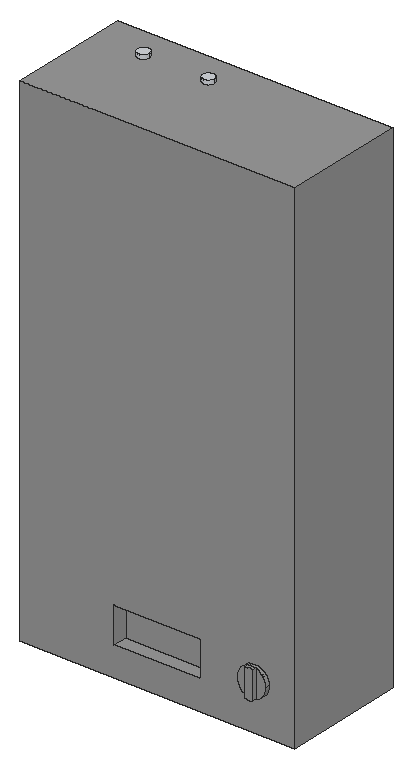
Revit family "MCQ-WHT-AEC-Indoor_Type", category Mechanical Equipment, Revit 2016
Family settings
  Part Type = Normal
  Round Connector Dimension = Use Diameter
  Work Plane-Based = No
  Always vertical = Yes
  Cut with Voids When Loaded = No
  Shared = No
  Room Calculation Point = No
Parameters (values of type "380x170x695mm")
  Width = 380 mm
  Water Flow = 0.0 L/s
  Symbol <Detail Items> = DTL-MCH-AEC-Water_Heater : DTL-MCH-AEC-Water_Heater
  Power Factor = 0.8
  Power Consumption = 900 W
  Number of Poles = 1
  Nominal Diameter = 16 mm
  Material = ABS Plastic
  Length = 170 mm
  Is 180 deg Symbol [instance] = not(Is 0 deg Symbol)  # no
  Is 0 deg Symbol [instance] = yes
  Input Voltage = 220 V
  Input Current = 4.1 A
  Height = 695 mm
  Default Elevation [instance] = 1500 mm
Reference planes
  plane 1 "Center (Front/Back)": y = 0
  plane 2: z = 0
  plane 3 "Center (Left/Right)": x = 0
  plane 4: x = -300
  plane 5: x = 300
  plane 6: y = -150
  plane 7 "Front": y = -170
  plane 8 "Top": z = 2195
  plane 9 "Bottom": z = 1500
  plane 10: x = -190
  plane 11: x = 190
Forms (mm)
  Extrusion 1, solid, material "ABS Plastic" <- "Material"
    sketch origin (0, -170, 2195) x (-1, 0, 0) y (0, 1, 0)
      loop
        line (190, 170) -> (-190, 170) -> (-190, 0) -> (190, 0) -> (190, 170)
    from 0 to 695
  Extrusion 2, void
    sketch origin (-190, -170, 2195) x (-1, 0, 0) y (0, 0, 1)
      loop
        line (-130, -605) -> (-250, -605) -> (-250, -655) -> (-130, -655) -> (-130, -605)
    from 0 to 20
  Extrusion 3, solid, material "ABS Plastic" <- "Material"
    sketch origin (-190, -170, 2195) x (1, 0, 0) y (0, 0, 1)
      loop
        circle (325, -630) r 20
    from 0 to 5
  Extrusion 4, solid, material "ABS Plastic" <- "Material"
    sketch origin (-190, -175, 2195) x (1, 0, 0) y (0, 0, 1)
      loop
        line (330, -649.365) -> (330, -610.635)
        arc (330, -610.635) -> (325, -610) -> (320, -610.635) r 20
        line (320, -610.635) -> (320, -649.365)
        arc (320, -649.365) -> (325, -650) -> (330, -649.365) r 20
    from 0 to 5
  Extrusion 5, solid
    sketch origin (0, -170, 2195) x (-1, 0, 0) y (0, -1, 0)
      loop
        circle (120.32, -126.916) r 8
      loop
        circle (30.32, -126.916) r 8
    from 0 to 5
Cuts and joins
  Extrusion 2 cuts Extrusion 1
  joined: Extrusion 3, Extrusion 4
Dimensions and locks
  equal spacing: plane 4, plane 3 "Center (Left/Right)", plane 5
  locked: plane 4 to plane 5 at 600
  equal spacing: plane 10, plane 3 "Center (Left/Right)", plane 11
  "Width": plane 10 to plane 11
  "Length": plane 7 "Front" to plane 1 "Center (Front/Back)"
  "Height": plane 8 "Top" to plane 9 "Bottom"
  "Default Elevation": plane 9 "Bottom" to level
  "Nominal Diameter": diameter of Extrusion 5 sketch curve  (x2)
  aligned and locked: cut or joined group of Extrusion 1, Extrusion 2 to plane 9 "Bottom"
  aligned and locked: plane 11 to Extrusion 1 sketch curve
  aligned and locked: Extrusion 1 sketch curve to plane 10
  aligned and locked: Extrusion 1 sketch curve to plane 1 "Center (Front/Back)"
  aligned and locked: plane 7 "Front" to Extrusion 1 sketch curve
  aligned and locked: cut or joined group of Extrusion 1, Extrusion 2 to cut or joined group of Extrusion 1, Extrusion 2
  aligned and locked: nested 1 to nested 2
  aligned and locked: nested 2 to plane 3 "Center (Left/Right)"
Automatic sketch dimensions
  Extrusion 4 sketch curve to Extrusion 4 sketch curve = 5 mm
  Extrusion 4 sketch curve to Extrusion 4 sketch curve = 10 mm
  Extrusion 1 to Extrusion 3 sketch curve = 55 mm
  Extrusion 1 to Extrusion 3 sketch curve = 65 mm
  Extrusion 1 to Extrusion 2 sketch curve = 40 mm
  Extrusion 1 to Extrusion 2 sketch curve = 130 mm
  Extrusion 2 sketch curve to Extrusion 2 sketch curve = 120 mm
  Extrusion 2 sketch curve to Extrusion 2 sketch curve = 50 mm
  Extrusion 5 sketch curve to Extrusion 1 = 43.084 mm  (x2)
  Extrusion 5 sketch curve to Extrusion 1 = 159.68 mm
  Extrusion 5 sketch curve to Extrusion 1 = 69.68 mm
  radius of Extrusion 4 sketch curve to Extrusion 3 = 0 mm  (x2)
  radius of Extrusion 3 sketch curve = 20 mm
Nested families
  nested 1: "DTL-MCH-AEC-Water_Heater" at (0, 0, 2195), type <- "Symbol <Detail Items>", visible <- "Is 0 deg Symbol", type "DTL-MCH-AEC-Water_Heater"
  nested 2: "DTL-MCH-AEC-Water_Heater" at (0, -500, 2195) x (-1, 0, 0) z (0, 0, 1), type <- "Symbol <Detail Items>", visible <- "Is 180 deg Symbol", type "DTL-MCH-AEC-Water_Heater"
Connectors
  piping at (-120.32, -43.084, 2200), diameter 16, driven by "Nominal Diameter", driven by "Water Flow"
    settings: on Extrusion 5, index 1, connector inside diameter 609.6 mm, connector length 0 mm, flow factor 0, pipe flow 0.0 L/s, pressure drop 0.0 Pa, fitting loss kfactor 0, connector angle 0.00°, fixture units 0, engagement length 0 mm, angle of deflection 0.00°, flow configuration 0, flow direction 1, fitting loss method 0, system type 29, joint type 0, gender type 0, connector reference index -1, connector utility 0, adjustable connector no, is connector primary yes, connector description "Water Input"
  piping at (-30.32, -43.084, 2200), diameter 16, driven by "Nominal Diameter", driven by "Water Flow"
    settings: on Extrusion 5, index 2, connector inside diameter 609.6 mm, connector length 0 mm, flow factor 0, pipe flow 0.0 L/s, pressure drop 0.0 Pa, fitting loss kfactor 0, connector angle 0.00°, fixture units 0, engagement length 0 mm, angle of deflection 0.00°, flow configuration 0, flow direction 2, fitting loss method 0, system type 29, joint type 0, gender type 0, connector reference index -1, connector utility 0, adjustable connector no, is connector primary no, connector description "Water Output"
  electrical at (0, 0, 1847.5), driven by "Number of Poles", driven by "Input Voltage", driven by "Power Consumption", driven by "Power Factor"
    settings: on cut or joined group of Extrusion 1, Extrusion 2, index 3, voltage 220 V, apparent load 900 VA, apparent load phase1 0 VA, apparent load phase2 0 VA, apparent load phase3 0 VA, power factor 0.8, load classification "Other", number of poles 1, system type 30, power factor state 1, is connector primary yes, connector utility no, sub classification motor no, connector description "Power Input"
Definition of nested family "DTL-MCH-AEC-Water_Heater"
  Reference planes
    plane 1 "Center (Front/Back)": y = 0
    plane 2: z = 0
    plane 3 "Center (Left/Right)": x = 0
    plane 4: y = -500
